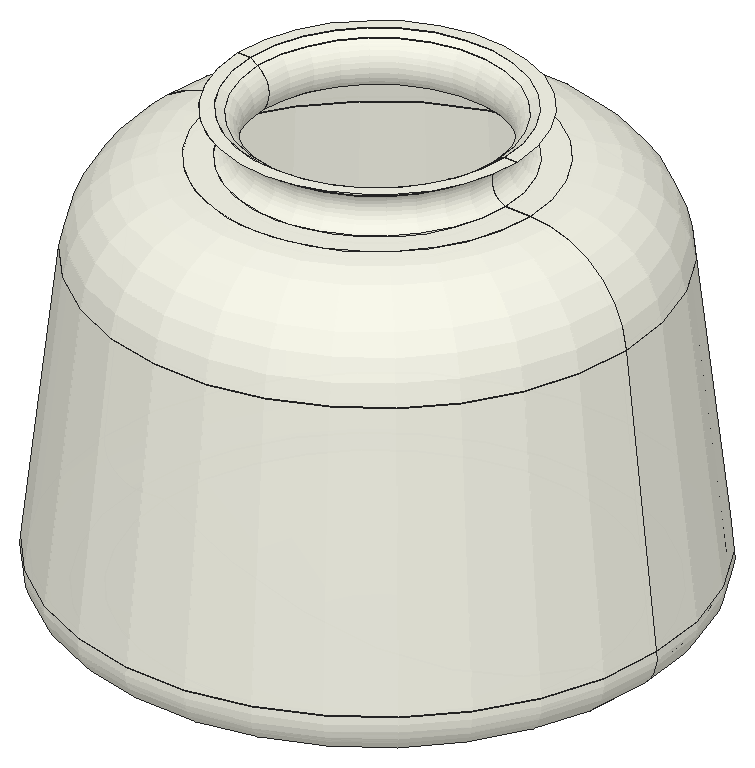
Revit family "SQO8", category Generic Models, Revit 2024
Family settings
  Can host rebar = No
  Round Connector Dimension = Use Diameter
  Part Type = Normal
  Work Plane-Based = No
  Always vertical = Yes
  Cut with Voids When Loaded = No
  Maintain Annotation Orientation = No
  Shared = No
  Room Calculation Point = No
Parameters
  Default Elevation = 0' - 0"
Reference planes (in)
  plane 1 "Center (Front/Back)": y = 0
  plane 2: z = 0
  plane 3 "Center (Left/Right)": x = 0
Forms (in)
  Revolve 1, solid, material "OPAL"
    sketch origin (0, 0, 0) x (1, 0, 0) y (0, 0, 1)
      loop
        line (1.76538, 29.45198) -> (2, 29.60027) -> (1.82452, 29.60027) -> (1.7153, 29.53123)
        arc (1.7153, 29.53123) -> (1.55417, 29.16929) -> (1.82648, 28.88152) r 0.35695
        line (1.82648, 28.88152) -> (2.18674, 28.88152)
        arc (2.18674, 28.88152) -> (3.0499, 28.55278) -> (3.47569, 27.73313) r 1.29755
        line (3.47569, 27.73313) -> (3.90631, 24.01222)
        arc (3.90631, 24.01222) -> (3.79213, 23.65117) -> (3.4466, 23.49625) r 0.46277
        line (3.4466, 23.49625) -> (3.05449, 23.49625)
        arc (3.05449, 23.49625) -> (1.58253, 22.87796) -> (0, 22.66695) r 6.03982
        line (0, 22.66695) -> (0, 22.5732)
        arc (0, 22.5732) -> (1.59477, 22.78415) -> (3.07984, 23.4025) r 6.13357
        line (3.07984, 23.4025) -> (3.4466, 23.4025)
        arc (3.4466, 23.4025) -> (3.86213, 23.58881) -> (3.99943, 24.023) r 0.55652
        line (3.99943, 24.023) -> (3.56882, 27.74391)
        arc (3.56882, 27.74391) -> (3.11227, 28.62278) -> (2.18674, 28.97527) r 1.3913
        line (2.18674, 28.97527) -> (1.83787, 28.97527)
        arc (1.83787, 28.97527) -> (1.64579, 29.18993) -> (1.76538, 29.45198) r 0.2632
      axis (0, 29.60027) -> (0, 22.5732)
    angle from 0 to 360
Dimensions and locks (in)
  aligned and locked: plane 2 to level
